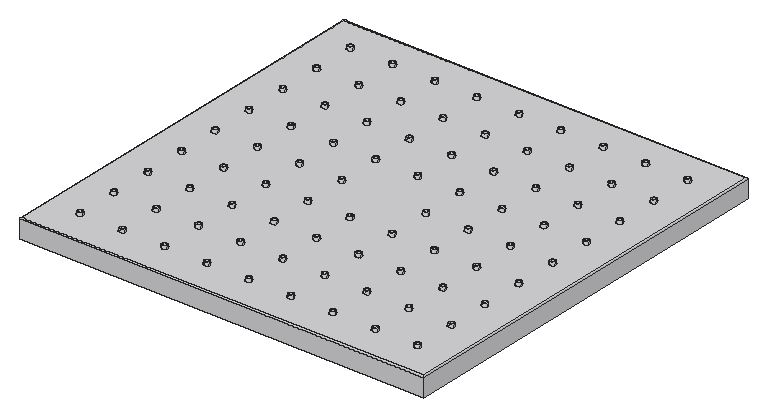
Revit family "Shower-Showerhead-KOHLER-Katalyst_Air-K-18361A", category Plumbing Fixtures, host Face, Revit 2017
Family settings
  Host = Face
  Round Connector Dimension = Use Diameter
  Part Type = Normal
  OmniClass Number = 23.31.17.00
  Cut with Voids When Loaded = No
  Shared = No
  Room Calculation Point = No
Parameters (values of type "CP-Polished Chrome")
  Width = 10"  # constant formula
  WaterSense Certified = 1 = 0  # no
  Waste Water Outlet = "Waste Water Outlet"  # constant formula
  Waste Connection = 1 = 0  # no
  Vent Connection = 1 = 0  # no
  URL = "https://www.kohlerasiapacific.com/"
  Type = 1
  Product Page URL = ""
  Product Name = "Katalyst"  # constant formula
  Product Documentation Link = ""
  Pressure = 45.00 psi  # constant formula
  Panel Thickness = 0"
  Model = if(Type = 1, "K-18361A-CP", if(Type = 2, "K-18361A-2BL", "NA"))  # "K-18361A-CP"
  Material = "Premium Metal Construction"  # constant formula
  Master Format 2014 Name = "Residential Showers"  # constant formula
  Master Format 2014 = "22 42 23"  # constant formula
  Manufacturer Address = "No. 158 Jiang Chang San Road, Zhabei District, Shanghai, China"  # constant formula
  Manufacturer = "KOHLER Co."  # constant formula
  Length = 10"  # constant formula
  Hot Water Inlet = "Tempered Water Inlet"  # constant formula
  Height = 2.59843"  # constant formula
  HW Connection = 1 = 1  # yes
  Flow Rate = 2.5 GPM  # constant formula
  Finish = Kohler-Metal-CP-Polished_Chrome
  Environmental Product Declaration = ""
  Drain Included = 1 = 0  # no
  Description = "10' SQUARE RAINSHOWER HEAD"  # constant formula
  Default Elevation = 0"
  Declare Label = ""
  Date Modified = "09/08/2020"  # constant formula
  Date Created = "09/08/2020"  # constant formula
  Copyright = "Copyright KOHLER Co."  # constant formula
  Contact Us = "https://www.kohlerasiapacific.com/contact-us"
  Cold Water Inlet = "Cold Water Inlet"  # constant formula
  CW Connection = 1 = 0  # no
  Assembly Code = "D2010700"
  ADA Compliant = 1 = 0  # no
Reference planes (in)
  plane 1 "Center (Front/Back)": y = 0
  plane 2: z = 0
  plane 3 "Center (Left/Right)": x = 0
  plane 4: x = -5
  plane 5: x = 5
  plane 6: z = 2.5984252
  plane 7: y = 5
  plane 8: y = -5
Dimensions and locks (in)
  plane 7 to plane 8 = 10"
  plane 6 to level = 2.59843"
  "Height": plane 6 to level
  "Width": plane 4 to plane 5
  "Length": plane 7 to plane 8
  aligned and locked: plane 2 to host face
  aligned and locked: level to host face
  aligned and locked: plane 3 "Center (Left/Right)" to nested 1
  aligned and locked: plane 1 "Center (Front/Back)" to nested 1
  aligned and locked: plane 4 to nested 1
  aligned and locked: plane 5 to nested 1
  aligned and locked: plane 6 to nested 1
  aligned and locked: plane 7 to nested 1
  aligned and locked: plane 8 to nested 1
Automatic sketch dimensions
  host sketch curve to host sketch curve = 96"  (x2)
Nested families (in)
  nested 1: "K-18361A" at (0, 0, 0), type "K-18361A"
Connectors (in)
  piping at (0, 0, 0), diameter 0.5, driven by "Flow Rate", driven by "Pressure", driven by "HW Connection", driven by "Hot Water Inlet"
    settings: on nested 1, index 1, connector inside diameter 24", connector length 0", flow factor 0, pipe flow 2.5 GPM, pressure drop 45.00 psi, fitting loss kfactor 0, connector angle 0.00°, fixture units 0, engagement length 0", angle of deflection 0.00°, flow configuration 1, flow direction 1, fitting loss method 4, system type 19, joint type 0, gender type 0, connector reference index -1, connector utility 1, adjustable connector no, is connector primary yes, connector description "Tempered Water Inlet"
Definition of nested family "K-18361A"
  Parameters (values of type "K-18361A")
    Material = none
  Reference planes (in)
    plane 1 "Center (Front/Back)": y = 0
    plane 2: z = 0
    plane 3 "Center (Left/Right)": x = 0
    plane 4: x = 0
    plane 5: x = -5
    plane 6: z = 2.5984252
    plane 7: z = 2.5317244
    plane 8: x = 5
    plane 9: y = 5
    plane 10: y = -5
    plane 11: z = 0.5381731
  Forms (in)
    Revolve 1, solid, material <- "Material", detail levels medium+fine
      sketch origin (0, 0, 0) x (1, 0, 0) y (0, 0, 1)
        loop
          line (0, 0) -> (0, 2.1734567) -> (-0.7185571, 2.1734567) -> (-0.7185571, 0.9923543) -> (-0.4459404, 0.9923543)
          arc (-0.4459404, 0.9923543) -> (-0.3975822, 0.9264776) -> (-0.3372043, 0.871407) r 0.4131817
          arc (-0.3372043, 0.871407) -> (-0.3100288, 0.8077712) -> (-0.3519033, 0.7526845) r 0.0688159
          arc (-0.3519033, 0.7526845) -> (-0.4559616, 0.6671107) -> (-0.4950271, 0.5381731) r 0.2323148
          line (-0.4950271, 0.5381731) -> (-0.4950271, 0.0206322)
          arc (-0.4950271, 0.0206322) -> (-0.4889841, 0.006043) -> (-0.474395, 0) r 0.0206322
          line (-0.474395, 0) -> (0, 0)
        axis (0, 0) -> (0, 2.1734567)
      angle from 0 to 360
    Extrusion 2, void
      sketch origin (0, 0, 0) x (0, 1, 0) y (0, 0, 1)
        loop
          line (0.677233, 0.8363958) -> (0.455, 0.8363958) -> (0.455, 0.1915593)
          arc (0.455, 0.1915593) -> (0.4596556, 0.1681541) -> (0.4729136, 0.1483121) r 0.0611607
          line (0.4729136, 0.1483121) -> (0.5355016, 0.085724) -> (0.7555113, 0.085724) -> (0.7555113, 1.4682391) -> (0.677233, 1.4682391) -> (0.677233, 0.8363958)
        loop
          line (-0.677233, 0.8363958) -> (-0.677233, 1.4682391) -> (-0.7555113, 1.4682391) -> (-0.7555113, 0.085724) -> (-0.5355016, 0.085724) -> (-0.4729136, 0.1483121)
          arc (-0.4729136, 0.1483121) -> (-0.4596556, 0.1681541) -> (-0.455, 0.1915593) r 0.0611607
          line (-0.455, 0.1915593) -> (-0.455, 0.8363958) -> (-0.677233, 0.8363958)
      from -2.3887443 to 3.3877953
    Sweep 3, solid, material <- "Material", detail levels medium+fine
      path origin (0, 0, 0) x (1, 0, 0) y (0, 1, 0)
        loop
          line (-1.9685039, 1.9685039) -> (-1.9685039, -1.9685039) -> (1.9685039, -1.9685039) -> (1.9685039, 1.9685039) -> (-1.9685039, 1.9685039)
      profile origin (1.9685039, -1.9685039, 0) x (-1, 0, 0) y (0, 0, 1)
        loop
          line (0, 2.0710945) -> (0, 2.5317244) -> (-2.999249, 2.5317244)
          arc (-2.999249, 2.5317244) -> (-3.0220511, 2.5222795) -> (-3.0314961, 2.4994774) r 0.032247
          line (-3.0314961, 2.4994774) -> (-3.0314961, 2.0592835) -> (-2.9744094, 2.0592835) -> (-2.9303301, 2.0710945) -> (0, 2.0710945)
    Extrusion 4, solid, material <- "Material", detail levels medium+fine
      sketch origin (0, 0, 0) x (1, 0, 0) y (0, 1, 0)
        loop
          line (-2.9639069, 2.7726879) -> (-2.9639069, -2.7391231) -> (2.7447545, -2.7391231) -> (2.7447545, 2.7726879) -> (-2.9639069, 2.7726879)
      from 2.0710945 to 2.5317244
    Extrusion 5, void
      sketch origin (0, 0, 0) x (1, 0, 0) y (0, 1, 0)
        loop
          circle (-4.1703694, 4.1745663) r 0.0767717
        loop
          circle (-4.1703694, 3.1292234) r 0.0767717
        loop
          circle (-4.1703694, 2.0867319) r 0.0767717
        loop
          circle (-4.1703694, 1.0446144) r 0.0767717
        loop
          circle (-4.1703694, 0) r 0.0767717
        loop
          circle (-3.1271871, 4.1745663) r 0.0767717
        loop
          circle (-3.1271871, 3.1298897) r 0.0767717
        loop
          circle (-3.1271871, 2.0877149) r 0.0767717
        loop
          circle (-3.1271871, 1.0449391) r 0.0767717
        loop
          circle (-3.1271871, 0) r 0.0767717
        loop
          circle (-2.0840049, 4.1745663) r 0.0767717
        loop
          circle (-2.0840049, 3.1292234) r 0.0767717
        loop
          circle (-2.0840049, 2.0867319) r 0.0767717
        loop
          circle (-2.0840049, 1.0446144) r 0.0767717
        loop
          circle (-2.0840049, 0) r 0.0767717
        loop
          circle (-1.0412535, 4.1745663) r 0.0767717
        loop
          circle (-1.0412535, 3.1298897) r 0.0767717
        loop
          circle (-1.0412535, 2.0877149) r 0.0767717
        loop
          circle (-1.0412535, 1.0449391) r 0.0767717
        loop
          circle (-1.0412535, 0) r 0.0767717
        loop
          circle (0.002167, 4.1745663) r 0.0767717
        loop
          circle (0.002167, 3.1292234) r 0.0767717
        loop
          circle (0.002167, 2.0867319) r 0.0767717
        loop
          circle (0.002167, 1.0446144) r 0.0767717
        loop
          circle (4.1703694, 4.1745663) r 0.0767717
        loop
          circle (4.1703694, 3.1292234) r 0.0767717
        loop
          circle (4.1703694, 2.0867319) r 0.0767717
        loop
          circle (4.1703694, 1.0446144) r 0.0767717
        loop
          circle (3.1271871, 4.1745663) r 0.0767717
        loop
          circle (3.1271871, 3.1298897) r 0.0767717
        loop
          circle (3.1271871, 2.0877149) r 0.0767717
        loop
          circle (3.1271871, 1.0449391) r 0.0767717
        loop
          circle (2.0840049, 4.1745663) r 0.0767717
        loop
          circle (2.0840049, 3.1292234) r 0.0767717
        loop
          circle (2.0840049, 2.0867319) r 0.0767717
        loop
          circle (2.0840049, 1.0446144) r 0.0767717
        loop
          circle (1.0412535, 4.1745663) r 0.0767717
        loop
          circle (1.0412535, 3.1298897) r 0.0767717
        loop
          circle (1.0412535, 2.0877149) r 0.0767717
        loop
          circle (1.0412535, 1.0449391) r 0.0767717
        loop
          circle (-4.1703694, -4.1745663) r 0.0767717
        loop
          circle (-4.1703694, -3.1292234) r 0.0767717
        loop
          circle (-4.1703694, -2.0867319) r 0.0767717
        loop
          circle (-4.1703694, -1.0446144) r 0.0767717
        loop
          circle (-3.1271871, -4.1745663) r 0.0767717
        loop
          circle (-3.1271871, -3.1298897) r 0.0767717
        loop
          circle (-3.1271871, -2.0877149) r 0.0767717
        loop
          circle (-3.1271871, -1.0449391) r 0.0767717
        loop
          circle (-2.0840049, -4.1745663) r 0.0767717
        loop
          circle (-2.0840049, -3.1292234) r 0.0767717
        loop
          circle (-2.0840049, -2.0867319) r 0.0767717
        loop
          circle (-2.0840049, -1.0446144) r 0.0767717
        loop
          circle (-1.0412535, -4.1745663) r 0.0767717
        loop
          circle (-1.0412535, -3.1298897) r 0.0767717
        loop
          circle (-1.0412535, -2.0877149) r 0.0767717
        loop
          circle (-1.0412535, -1.0449391) r 0.0767717
        loop
          circle (0.002167, -4.1745663) r 0.0767717
        loop
          circle (0.002167, -3.1292234) r 0.0767717
        loop
          circle (0.002167, -2.0867319) r 0.0767717
        loop
          circle (0.002167, -1.0446144) r 0.0767717
        loop
          circle (4.1703694, -4.1745663) r 0.0767717
        loop
          circle (4.1703694, -3.1292234) r 0.0767717
        loop
          circle (4.1703694, -2.0867319) r 0.0767717
        loop
          circle (4.1703694, -1.0446144) r 0.0767717
        loop
          circle (3.1271871, -4.1745663) r 0.0767717
        loop
          circle (3.1271871, -3.1298897) r 0.0767717
        loop
          circle (3.1271871, -2.0877149) r 0.0767717
        loop
          circle (3.1271871, -1.0449391) r 0.0767717
        loop
          circle (2.0840049, -4.1745663) r 0.0767717
        loop
          circle (2.0840049, -3.1292234) r 0.0767717
        loop
          circle (2.0840049, -2.0867319) r 0.0767717
        loop
          circle (2.0840049, -1.0446144) r 0.0767717
        loop
          circle (1.0412535, -4.1745663) r 0.0767717
        loop
          circle (1.0412535, -3.1298897) r 0.0767717
        loop
          circle (1.0412535, -2.0877149) r 0.0767717
        loop
          circle (1.0412535, -1.0449391) r 0.0767717
        loop
          circle (4.1703694, 0) r 0.0767717
        loop
          circle (3.1271871, 0) r 0.0767717
        loop
          circle (2.0840049, 0) r 0.0767717
        loop
          circle (1.0412535, 0) r 0.0767717
      from 2.2237974 to 2.914349
    Extrusion 6, solid, detail levels medium+fine
      sketch origin (0, 0, 0) x (1, 0, 0) y (0, 1, 0)
        loop
          circle (-4.1703694, 4.1745663) r 0.0629921
        loop
          circle (-4.1703694, 4.1745663) r 0.0472441
        loop
          circle (-4.1703694, 3.1292234) r 0.0629921
        loop
          circle (-4.1703694, 3.1292234) r 0.0472441
        loop
          circle (-4.1703694, 2.0867319) r 0.0629921
        loop
          circle (-4.1703694, 2.0867319) r 0.0472441
        loop
          circle (-4.1703694, 1.0446144) r 0.0629921
        loop
          circle (-4.1703694, 1.0446144) r 0.0472441
        loop
          circle (-4.1703694, 0) r 0.0629921
        loop
          circle (-4.1703694, 0) r 0.0472441
        loop
          circle (-3.1271871, 0) r 0.0629921
        loop
          circle (-3.1271871, 0) r 0.0472441
        loop
          circle (-3.1271871, 1.0449391) r 0.0629921
        loop
          circle (-3.1271871, 1.0449391) r 0.0472441
        loop
          circle (-3.1271871, 2.0877149) r 0.0629921
        loop
          circle (-3.1271871, 2.0877149) r 0.0472441
        loop
          circle (-3.1271871, 3.1298897) r 0.0629921
        loop
          circle (-3.1271871, 3.1298897) r 0.0472441
        loop
          circle (-3.1271871, 4.1745663) r 0.0629921
        loop
          circle (-3.1271871, 4.1745663) r 0.0472441
        loop
          circle (-2.0840049, 4.1745663) r 0.0629921
        loop
          circle (-2.0840049, 4.1745663) r 0.0472441
        loop
          circle (-2.0840049, 3.1292234) r 0.0629921
        loop
          circle (-2.0840049, 3.1292234) r 0.0472441
        loop
          circle (-2.0840049, 2.0867319) r 0.0629921
        loop
          circle (-2.0840049, 2.0867319) r 0.0472441
        loop
          circle (-2.0840049, 1.0446144) r 0.0629921
        loop
          circle (-2.0840049, 1.0446144) r 0.0472441
        loop
          circle (-2.0840049, 0) r 0.0629921
        loop
          circle (-2.0840049, 0) r 0.0472441
        loop
          circle (-1.0412535, 0) r 0.0629921
        loop
          circle (-1.0412535, 0) r 0.0472441
        loop
          circle (-1.0412535, 1.0449391) r 0.0629921
        loop
          circle (-1.0412535, 1.0449391) r 0.0472441
        loop
          circle (-1.0412535, 2.0877149) r 0.0629921
        loop
          circle (-1.0412535, 2.0877149) r 0.0472441
        loop
          circle (-1.0412535, 3.1298897) r 0.0629921
        loop
          circle (-1.0412535, 3.1298897) r 0.0472441
        loop
          circle (-1.0412535, 4.1745663) r 0.0629921
        loop
          circle (-1.0412535, 4.1745663) r 0.0472441
        loop
          circle (0.002167, 4.1745663) r 0.0629921
        loop
          circle (0.002167, 4.1745663) r 0.0472441
        loop
          circle (0.002167, 3.1292234) r 0.0629921
        loop
          circle (0.002167, 3.1292234) r 0.0472441
        loop
          circle (0.002167, 2.0867319) r 0.0629921
        loop
          circle (0.002167, 2.0867319) r 0.0472441
        loop
          circle (0.002167, 1.0446144) r 0.0629921
        loop
          circle (0.002167, 1.0446144) r 0.0472441
        loop
          circle (4.1703694, 4.1745663) r 0.0629921
        loop
          circle (4.1703694, 4.1745663) r 0.0472441
        loop
          circle (4.1703694, 3.1292234) r 0.0629921
        loop
          circle (4.1703694, 3.1292234) r 0.0472441
        loop
          circle (4.1703694, 2.0867319) r 0.0629921
        loop
          circle (4.1703694, 2.0867319) r 0.0472441
        loop
          circle (4.1703694, 1.0446144) r 0.0629921
        loop
          circle (4.1703694, 1.0446144) r 0.0472441
        loop
          circle (3.1271871, 1.0449391) r 0.0629921
        loop
          circle (3.1271871, 1.0449391) r 0.0472441
        loop
          circle (3.1271871, 2.0877149) r 0.0629921
        loop
          circle (3.1271871, 2.0877149) r 0.0472441
        loop
          circle (3.1271871, 3.1298897) r 0.0629921
        loop
          circle (3.1271871, 3.1298897) r 0.0472441
        loop
          circle (3.1271871, 4.1745663) r 0.0629921
        loop
          circle (3.1271871, 4.1745663) r 0.0472441
        loop
          circle (2.0840049, 4.1745663) r 0.0629921
        loop
          circle (2.0840049, 4.1745663) r 0.0472441
        loop
          circle (2.0840049, 3.1292234) r 0.0629921
        loop
          circle (2.0840049, 3.1292234) r 0.0472441
        loop
          circle (2.0840049, 2.0867319) r 0.0629921
        loop
          circle (2.0840049, 2.0867319) r 0.0472441
        loop
          circle (2.0840049, 1.0446144) r 0.0629921
        loop
          circle (2.0840049, 1.0446144) r 0.0472441
        loop
          circle (1.0412535, 1.0449391) r 0.0629921
        loop
          circle (1.0412535, 1.0449391) r 0.0472441
        loop
          circle (1.0412535, 2.0877149) r 0.0629921
        loop
          circle (1.0412535, 2.0877149) r 0.0472441
        loop
          circle (1.0412535, 3.1298897) r 0.0629921
        loop
          circle (1.0412535, 3.1298897) r 0.0472441
        loop
          circle (1.0412535, 4.1745663) r 0.0629921
        loop
          circle (1.0412535, 4.1745663) r 0.0472441
        loop
          circle (-4.1703694, -4.1745663) r 0.0629921
        loop
          circle (-4.1703694, -4.1745663) r 0.0472441
        loop
          circle (-4.1703694, -3.1292234) r 0.0629921
        loop
          circle (-4.1703694, -3.1292234) r 0.0472441
        loop
          circle (-4.1703694, -2.0867319) r 0.0629921
        loop
          circle (-4.1703694, -2.0867319) r 0.0472441
        loop
          circle (-4.1703694, -1.0446144) r 0.0629921
        loop
          circle (-4.1703694, -1.0446144) r 0.0472441
        loop
          circle (-3.1271871, -1.0449391) r 0.0629921
        loop
          circle (-3.1271871, -1.0449391) r 0.0472441
        loop
          circle (-3.1271871, -2.0877149) r 0.0629921
        loop
          circle (-3.1271871, -2.0877149) r 0.0472441
        loop
          circle (-3.1271871, -3.1298897) r 0.0629921
        loop
          circle (-3.1271871, -3.1298897) r 0.0472441
        loop
          circle (-3.1271871, -4.1745663) r 0.0629921
        loop
          circle (-3.1271871, -4.1745663) r 0.0472441
        loop
          circle (-2.0840049, -4.1745663) r 0.0629921
        loop
          circle (-2.0840049, -4.1745663) r 0.0472441
        loop
          circle (-2.0840049, -3.1292234) r 0.0629921
        loop
          circle (-2.0840049, -3.1292234) r 0.0472441
        loop
          circle (-2.0840049, -2.0867319) r 0.0629921
        loop
          circle (-2.0840049, -2.0867319) r 0.0472441
        loop
          circle (-2.0840049, -1.0446144) r 0.0629921
        loop
          circle (-2.0840049, -1.0446144) r 0.0472441
        loop
          circle (-1.0412535, -1.0449391) r 0.0629921
        loop
          circle (-1.0412535, -1.0449391) r 0.0472441
        loop
          circle (-1.0412535, -2.0877149) r 0.0629921
        loop
          circle (-1.0412535, -2.0877149) r 0.0472441
        loop
          circle (-1.0412535, -3.1298897) r 0.0629921
        loop
          circle (-1.0412535, -3.1298897) r 0.0472441
        loop
          circle (-1.0412535, -4.1745663) r 0.0629921
        loop
          circle (-1.0412535, -4.1745663) r 0.0472441
        loop
          circle (0.002167, -4.1745663) r 0.0629921
        loop
          circle (0.002167, -4.1745663) r 0.0472441
        loop
          circle (0.002167, -3.1292234) r 0.0629921
        loop
          circle (0.002167, -3.1292234) r 0.0472441
        loop
          circle (0.002167, -2.0867319) r 0.0629921
        loop
          circle (0.002167, -2.0867319) r 0.0472441
        loop
          circle (0.002167, -1.0446144) r 0.0629921
        loop
          circle (0.002167, -1.0446144) r 0.0472441
        loop
          circle (4.1703694, -4.1745663) r 0.0629921
        loop
          circle (4.1703694, -4.1745663) r 0.0472441
        loop
          circle (4.1703694, -3.1292234) r 0.0629921
        loop
          circle (4.1703694, -3.1292234) r 0.0472441
        loop
          circle (4.1703694, -2.0867319) r 0.0629921
        loop
          circle (4.1703694, -2.0867319) r 0.0472441
        loop
          circle (4.1703694, -1.0446144) r 0.0629921
        loop
          circle (4.1703694, -1.0446144) r 0.0472441
        loop
          circle (3.1271871, -1.0449391) r 0.0629921
        loop
          circle (3.1271871, -1.0449391) r 0.0472441
        loop
          circle (3.1271871, -2.0877149) r 0.0629921
        loop
          circle (3.1271871, -2.0877149) r 0.0472441
        loop
          circle (3.1271871, -3.1298897) r 0.0629921
        loop
          circle (3.1271871, -3.1298897) r 0.0472441
        loop
          circle (3.1271871, -4.1745663) r 0.0629921
        loop
          circle (3.1271871, -4.1745663) r 0.0472441
        loop
          circle (2.0840049, -4.1745663) r 0.0629921
        loop
          circle (2.0840049, -4.1745663) r 0.0472441
        loop
          circle (2.0840049, -3.1292234) r 0.0629921
        loop
          circle (2.0840049, -3.1292234) r 0.0472441
        loop
          circle (2.0840049, -2.0867319) r 0.0629921
        loop
          circle (2.0840049, -2.0867319) r 0.0472441
        loop
          circle (2.0840049, -1.0446144) r 0.0629921
        loop
          circle (2.0840049, -1.0446144) r 0.0472441
        loop
          circle (1.0412535, -1.0449391) r 0.0629921
        loop
          circle (1.0412535, -1.0449391) r 0.0472441
        loop
          circle (1.0412535, -2.0877149) r 0.0629921
        loop
          circle (1.0412535, -2.0877149) r 0.0472441
        loop
          circle (1.0412535, -3.1298897) r 0.0629921
        loop
          circle (1.0412535, -3.1298897) r 0.0472441
        loop
          circle (1.0412535, -4.1745663) r 0.0629921
        loop
          circle (1.0412535, -4.1745663) r 0.0472441
        loop
          circle (4.1703694, 0) r 0.0629921
        loop
          circle (4.1703694, 0) r 0.0472441
        loop
          circle (3.1271871, 0) r 0.0629921
        loop
          circle (3.1271871, 0) r 0.0472441
        loop
          circle (2.0840049, 0) r 0.0629921
        loop
          circle (2.0840049, 0) r 0.0472441
        loop
          circle (1.0412535, 0) r 0.0629921
        loop
          circle (1.0412535, 0) r 0.0472441
      from 2.1651852 to 2.5984252
    Extrusion 7, solid, material <- "Material", detail levels medium+fine
      sketch origin (0, 0, 0) x (1, 0, 0) y (0, 1, 0)
        loop
          circle (0, 0) r 0.3937008
      from 0 to 0.0875448
    Revolve 8, solid, material <- "Material", detail levels coarse
      sketch origin (0, 0, 0) x (1, 0, 0) y (0, 0, 1)
        loop
          line (-0.7185571, 2.2754617) -> (-0.7185571, 0) -> (0, 0) -> (0, 2.2754617) -> (-0.7185571, 2.2754617)
        axis (0, 2.2754617) -> (0, 0)
      angle from 0 to 360
    Extrusion 9, solid, material <- "Material", detail levels coarse
      sketch origin (0, 0, 0) x (1, 0, 0) y (0, 0, 1)
        loop
          line (-5, 2.5984252) -> (-5, 2.0592835) -> (5, 2.0592835) -> (5, 2.5984252) -> (-5, 2.5984252)
      from -5 to 5
  Cuts and joins
    Extrusion 2, Extrusion 5 cuts Revolve 1
    Extrusion 5 cuts Sweep 3
    Extrusion 5 cuts Extrusion 4
    joined: Revolve 1, Sweep 3, Extrusion 4
    joined: Revolve 8, Extrusion 9
  Lines and regions (in)
    Masking region 1
      outline origin (0, 0, 0) x (1, 0, 0) y (0, 0, 1)
        loop
          line (-5, 2.0592835) -> (-0.7185571, 2.0592835) -> (-0.7185571, 0.9923543) -> (-0.4459404, 0.9923543)
          arc (-0.4459404, 0.9923543) -> (-0.3975822, 0.9264776) -> (-0.3372043, 0.871407) r 0.4131817
          arc (-0.3372043, 0.871407) -> (-0.3100288, 0.8077712) -> (-0.3519033, 0.7526845) r 0.0688159
          arc (-0.3519033, 0.7526845) -> (-0.4559616, 0.6671107) -> (-0.4950271, 0.5381731) r 0.2323148
          line (-0.4950271, 0.5381731) -> (-0.4950271, 0.0206322)
          arc (-0.4950271, 0.0206322) -> (-0.4889841, 0.006043) -> (-0.474395, 0) r 0.0206322
          line (-0.474395, 0) -> (0.474395, 0)
          arc (0.474395, 0) -> (0.4889841, 0.006043) -> (0.4950271, 0.0206322) r 0.0206322
          line (0.4950271, 0.0206322) -> (0.4950271, 0.5381731)
          arc (0.4950271, 0.5381731) -> (0.4559616, 0.6671107) -> (0.3519033, 0.7526845) r 0.2323148
          arc (0.3519033, 0.7526845) -> (0.3100288, 0.8077712) -> (0.3372043, 0.871407) r 0.0688159
          arc (0.3372043, 0.871407) -> (0.3975822, 0.9264776) -> (0.4459404, 0.9923543) r 0.4131817
          line (0.4459404, 0.9923543) -> (0.7185571, 0.9923543) -> (0.7185571, 2.0592835) -> (5, 2.0592835) -> (5, 2.4993911)
          arc (5, 2.4993911) -> (4.9905298, 2.5222542) -> (4.9676667, 2.5317244) r 0.0323333
          line (4.9676667, 2.5317244) -> (4.2333615, 2.5317244) -> (4.2333615, 2.5984252) -> (4.1073772, 2.5984252) -> (4.1073772, 2.5317244) -> (3.1901793, 2.5317244) -> (3.1901793, 2.5984252) -> (3.064195, 2.5984252) -> (3.064195, 2.5317244) -> (2.146997, 2.5317244) -> (2.146997, 2.5984252) -> (2.0210128, 2.5984252) -> (2.0210128, 2.5317244) -> (1.1042456, 2.5317244) -> (1.1042456, 2.5984252) -> (0.9782614, 2.5984252) -> (0.9782614, 2.5317244) -> (0.0651591, 2.5317244) -> (0.0651591, 2.5984252) -> (-0.0608251, 2.5984252) -> (-0.0608251, 2.5317244) -> (-0.9782614, 2.5317244) -> (-0.9782614, 2.5984252) -> (-1.1042456, 2.5984252) -> (-1.1042456, 2.5317244) -> (-2.0210128, 2.5317244) -> (-2.0210128, 2.5984252) -> (-2.146997, 2.5984252) -> (-2.146997, 2.5317244) -> (-3.064195, 2.5317244) -> (-3.064195, 2.5984252) -> (-3.1901793, 2.5984252) -> (-3.1901793, 2.5317244) -> (-4.1073772, 2.5317244) -> (-4.1073772, 2.5984252) -> (-4.2333615, 2.5984252) -> (-4.2333615, 2.5317244) -> (-4.9676667, 2.5317244)
          arc (-4.9676667, 2.5317244) -> (-4.9905298, 2.5222542) -> (-5, 2.4993911) r 0.0323333
          line (-5, 2.4993911) -> (-5, 2.0592835)
    Masking region 2
      outline origin (0, 0, 0) x (0, 1, 0) y (0, 0, 1)
        loop
          line (5, 2.0592835) -> (5, 2.4993911)
          arc (5, 2.4993911) -> (4.9905298, 2.5222542) -> (4.9676667, 2.5317244) r 0.0323333
          line (4.9676667, 2.5317244) -> (4.2379346, 2.5317244) -> (4.2379346, 2.5984252) -> (4.110745, 2.5984252) -> (4.110745, 2.5317244) -> (3.1930839, 2.5317244) -> (3.1930839, 2.5984252) -> (3.0656473, 2.5984252) -> (3.0656473, 2.5317244) -> (2.1508481, 2.5317244) -> (2.1508481, 2.5984252) -> (2.0232146, 2.5984252) -> (2.0232146, 2.5317244) -> (1.1080654, 2.5317244) -> (1.1080654, 2.5984252) -> (0.9814445, 2.5984252) -> (0.9814445, 2.5317244) -> (0.063593, 2.5317244) -> (0.063593, 2.5984252) -> (-0.0632216, 2.5984252) -> (-0.0632216, 2.5317244) -> (-0.9814445, 2.5317244) -> (-0.9814445, 2.5984252) -> (-1.1083837, 2.5984252) -> (-1.1083837, 2.5317244) -> (-2.0232091, 2.5317244) -> (-2.0232091, 2.5984252) -> (-2.1506576, 2.5984252) -> (-2.1506576, 2.5317244) -> (-3.0660988, 2.5317244) -> (-3.0660988, 2.5984252) -> (-3.1929316, 2.5984252) -> (-3.1929316, 2.5317244) -> (-4.1112065, 2.5317244) -> (-4.1112065, 2.5984252) -> (-4.2375085, 2.5984252) -> (-4.2375085, 2.5317244) -> (-4.9676667, 2.5317244)
          arc (-4.9676667, 2.5317244) -> (-4.9905298, 2.5222542) -> (-5, 2.4993911) r 0.0323333
          line (-5, 2.4993911) -> (-5, 2.0592835) -> (-0.7185571, 2.0592835) -> (-0.7185571, 1.4682391) -> (-0.677233, 1.4682391) -> (-0.677233, 0.9923543) -> (-0.4459404, 0.9923543)
          arc (-0.4459404, 0.9923543) -> (-0.3975822, 0.9264776) -> (-0.3372043, 0.871407) r 0.4131817
          arc (-0.3372043, 0.871407) -> (-0.3100288, 0.8077712) -> (-0.3519033, 0.7526845) r 0.0688159
          arc (-0.3519033, 0.7526845) -> (-0.4096055, 0.7181524) -> (-0.455, 0.6685403) r 0.2323148
          line (-0.455, 0.6685403) -> (-0.455, 0.1908113)
          spline (-0.455, 0.1908113) -> (-0.455747, 0.1852722) -> (-0.4566699, 0.1799586) -> (-0.4577601, 0.1749218) -> (-0.4590068, 0.1702102) -> (-0.4603982, 0.165869) -> (-0.4619208, 0.1619402) -> (-0.4635601, 0.1584613) -> (-0.4653002, 0.1554661) -> (-0.4671244, 0.1529832) -> (-0.4690151, 0.1510365) -> (-0.4709543, 0.1496447) -> (-0.4729231, 0.1488214)
          line (-0.4729231, 0.1488214) -> (-0.4950271, 0.1267173) -> (-0.4950271, 0.0206322)
          arc (-0.4950271, 0.0206322) -> (-0.4889841, 0.006043) -> (-0.474395, 0) r 0.0206322
          line (-0.474395, 0) -> (0.474395, 0)
          arc (0.474395, 0) -> (0.4889841, 0.006043) -> (0.4950271, 0.0206322) r 0.0206322
          line (0.4950271, 0.0206322) -> (0.4950271, 0.1269258) -> (0.4728613, 0.1490916)
          spline (0.4728613, 0.1490916) -> (0.4712056, 0.1498806) -> (0.4695273, 0.1512397) -> (0.4678428, 0.1531558) -> (0.4661683, 0.1556102) -> (0.4645202, 0.158579) -> (0.4629146, 0.1620333) -> (0.4613671, 0.1659394) -> (0.4598927, 0.1702595) -> (0.4585058, 0.1749514) -> (0.4572199, 0.1799694) -> (0.4560475, 0.1852648) -> (0.455, 0.1907859)
          line (0.455, 0.1907859) -> (0.455, 0.6685403)
          arc (0.455, 0.6685403) -> (0.4096055, 0.7181524) -> (0.3519033, 0.7526845) r 0.2323148
          arc (0.3519033, 0.7526845) -> (0.3100288, 0.8077712) -> (0.3372043, 0.871407) r 0.0688159
          arc (0.3372043, 0.871407) -> (0.3975822, 0.9264776) -> (0.4459404, 0.9923543) r 0.4131817
          line (0.4459404, 0.9923543) -> (0.677233, 0.9923543) -> (0.677233, 1.4682391) -> (0.7185571, 1.4682391) -> (0.7185571, 2.0592835) -> (5, 2.0592835)
    Masking region 3
      outline origin (0, 0, 0) x (1, 0, 0) y (0, 1, 0)
        loop
          line (-5, 5) -> (-5, -5) -> (5, -5) -> (5, 5) -> (-5, 5)
    symbolic lines, detail levels medium+fine
      curve 1: arc (-4.0935977, 4.1745663, 0) -> (-4.1703694, 4.2513379, 0) -> (-4.247141, 4.1745663, 0) r 0.0767717
      curve 2: arc (-4.1073772, 4.1745663, 0) -> (-4.1703694, 4.2375584, 0) -> (-4.2333615, 4.1745663, 0) r 0.0629921
      curve 3: arc (-4.2176134, 4.1745663, 0) -> (-4.1703694, 4.2218104, 0) -> (-4.1231253, 4.1745663, 0) r 0.0472441
      curve 4: arc (-4.1231253, 4.1745663, 0) -> (-4.1703694, 4.1273222, 0) -> (-4.2176134, 4.1745663, 0) r 0.0472441
      curve 5: arc (-4.2333615, 4.1745663, 0) -> (-4.1703694, 4.1115742, 0) -> (-4.1073772, 4.1745663, 0) r 0.0629921
      curve 6: arc (-4.247141, 4.1745663, 0) -> (-4.1703694, 4.0977946, 0) -> (-4.0935977, 4.1745663, 0) r 0.0767717
      curve 7: arc (-4.0935977, 3.1292234, 0) -> (-4.1703694, 3.2059951, 0) -> (-4.247141, 3.1292234, 0) r 0.0767717
      curve 8: arc (-4.1073772, 3.1292234, 0) -> (-4.1703694, 3.1922155, 0) -> (-4.2333615, 3.1292234, 0) r 0.0629921
      curve 9: arc (-4.2176134, 3.1292234, 0) -> (-4.1703694, 3.1764675, 0) -> (-4.1231253, 3.1292234, 0) r 0.0472441
      curve 10: arc (-4.1231253, 3.1292234, 0) -> (-4.1703694, 3.0819793, 0) -> (-4.2176134, 3.1292234, 0) r 0.0472441
      curve 11: arc (-4.2333615, 3.1292234, 0) -> (-4.1703694, 3.0662313, 0) -> (-4.1073772, 3.1292234, 0) r 0.0629921
      curve 12: arc (-4.247141, 3.1292234, 0) -> (-4.1703694, 3.0524518, 0) -> (-4.0935977, 3.1292234, 0) r 0.0767717
      curve 13: arc (-3.0504155, 4.1745663, 0) -> (-3.1271871, 4.2513379, 0) -> (-3.2039588, 4.1745663, 0) r 0.0767717
      curve 14: arc (-3.064195, 4.1745663, 0) -> (-3.1271871, 4.2375584, 0) -> (-3.1901793, 4.1745663, 0) r 0.0629921
      curve 15: arc (-3.1744312, 4.1745663, 0) -> (-3.1271871, 4.2218104, 0) -> (-3.079943, 4.1745663, 0) r 0.0472441
      curve 16: arc (-3.079943, 4.1745663, 0) -> (-3.1271871, 4.1273222, 0) -> (-3.1744312, 4.1745663, 0) r 0.0472441
      curve 17: arc (-3.1901793, 4.1745663, 0) -> (-3.1271871, 4.1115742, 0) -> (-3.064195, 4.1745663, 0) r 0.0629921
      curve 18: arc (-3.2039588, 4.1745663, 0) -> (-3.1271871, 4.0977946, 0) -> (-3.0504155, 4.1745663, 0) r 0.0767717
      curve 19: arc (-3.0504155, 3.1298897, 0) -> (-3.1271871, 3.2066614, 0) -> (-3.2039588, 3.1298897, 0) r 0.0767717
      curve 20: arc (-3.064195, 3.1298897, 0) -> (-3.1271871, 3.1928818, 0) -> (-3.1901793, 3.1298897, 0) r 0.0629921
      curve 21: arc (-3.1744312, 3.1298897, 0) -> (-3.1271871, 3.1771338, 0) -> (-3.079943, 3.1298897, 0) r 0.0472441
      curve 22: arc (-3.079943, 3.1298897, 0) -> (-3.1271871, 3.0826456, 0) -> (-3.1744312, 3.1298897, 0) r 0.0472441
      curve 23: arc (-3.1901793, 3.1298897, 0) -> (-3.1271871, 3.0668976, 0) -> (-3.064195, 3.1298897, 0) r 0.0629921
      curve 24: arc (-3.2039588, 3.1298897, 0) -> (-3.1271871, 3.0531181, 0) -> (-3.0504155, 3.1298897, 0) r 0.0767717
      curve 25: arc (-3.0504155, 2.0877149, 0) -> (-3.1271871, 2.1644866, 0) -> (-3.2039588, 2.0877149, 0) r 0.0767717
      curve 26: arc (-3.064195, 2.0877149, 0) -> (-3.1271871, 2.1507071, 0) -> (-3.1901793, 2.0877149, 0) r 0.0629921
      curve 27: arc (-3.1744312, 2.0877149, 0) -> (-3.1271871, 2.134959, 0) -> (-3.079943, 2.0877149, 0) r 0.0472441
      curve 28: arc (-3.079943, 2.0877149, 0) -> (-3.1271871, 2.0404708, 0) -> (-3.1744312, 2.0877149, 0) r 0.0472441
      curve 29: arc (-3.1901793, 2.0877149, 0) -> (-3.1271871, 2.0247228, 0) -> (-3.064195, 2.0877149, 0) r 0.0629921
      curve 30: arc (-3.2039588, 2.0877149, 0) -> (-3.1271871, 2.0109433, 0) -> (-3.0504155, 2.0877149, 0) r 0.0767717
      curve 31: arc (-4.0935977, 2.0867319, 0) -> (-4.1703694, 2.1635036, 0) -> (-4.247141, 2.0867319, 0) r 0.0767717
      curve 32: arc (-4.1073772, 2.0867319, 0) -> (-4.1703694, 2.1497241, 0) -> (-4.2333615, 2.0867319, 0) r 0.0629921
      curve 33: arc (-4.2176134, 2.0867319, 0) -> (-4.1703694, 2.133976, 0) -> (-4.1231253, 2.0867319, 0) r 0.0472441
      curve 34: arc (-4.1231253, 2.0867319, 0) -> (-4.1703694, 2.0394878, 0) -> (-4.2176134, 2.0867319, 0) r 0.0472441
      curve 35: arc (-4.2333615, 2.0867319, 0) -> (-4.1703694, 2.0237398, 0) -> (-4.1073772, 2.0867319, 0) r 0.0629921
      curve 36: arc (-4.247141, 2.0867319, 0) -> (-4.1703694, 2.0099603, 0) -> (-4.0935977, 2.0867319, 0) r 0.0767717
      curve 37: arc (-3.0504155, 1.0449391, 0) -> (-3.1271871, 1.1217108, 0) -> (-3.2039588, 1.0449391, 0) r 0.0767717
      curve 38: arc (-3.064195, 1.0449391, 0) -> (-3.1271871, 1.1079312, 0) -> (-3.1901793, 1.0449391, 0) r 0.0629921
      curve 39: arc (-3.1744312, 1.0449391, 0) -> (-3.1271871, 1.0921832, 0) -> (-3.079943, 1.0449391, 0) r 0.0472441
      curve 40: arc (-3.079943, 1.0449391, 0) -> (-3.1271871, 0.997695, 0) -> (-3.1744312, 1.0449391, 0) r 0.0472441
      curve 41: arc (-3.1901793, 1.0449391, 0) -> (-3.1271871, 0.981947, 0) -> (-3.064195, 1.0449391, 0) r 0.0629921
      curve 42: arc (-3.2039588, 1.0449391, 0) -> (-3.1271871, 0.9681674, 0) -> (-3.0504155, 1.0449391, 0) r 0.0767717
      curve 43: arc (-4.0935977, 1.0446144, 0) -> (-4.1703694, 1.121386, 0) -> (-4.247141, 1.0446144, 0) r 0.0767717
      curve 44: arc (-4.1073772, 1.0446144, 0) -> (-4.1703694, 1.1076065, 0) -> (-4.2333615, 1.0446144, 0) r 0.0629921
      curve 45: arc (-4.2176134, 1.0446144, 0) -> (-4.1703694, 1.0918585, 0) -> (-4.1231253, 1.0446144, 0) r 0.0472441
      curve 46: arc (-4.1231253, 1.0446144, 0) -> (-4.1703694, 0.9973703, 0) -> (-4.2176134, 1.0446144, 0) r 0.0472441
      curve 47: arc (-4.2333615, 1.0446144, 0) -> (-4.1703694, 0.9816222, 0) -> (-4.1073772, 1.0446144, 0) r 0.0629921
      curve 48: arc (-4.247141, 1.0446144, 0) -> (-4.1703694, 0.9678427, 0) -> (-4.0935977, 1.0446144, 0) r 0.0767717
      curve 49: arc (-3.0504155, 0, 0) -> (-3.1271871, 0.0767717, 0) -> (-3.2039588, 0, 0) r 0.0767717
      curve 50: arc (-3.064195, 0, 0) -> (-3.1271871, 0.0629921, 0) -> (-3.1901793, 0, 0) r 0.0629921
      curve 51: arc (-3.1744312, 0, 0) -> (-3.1271871, 0.0472441, 0) -> (-3.079943, 0, 0) r 0.0472441
      curve 52: arc (-3.079943, 0, 0) -> (-3.1271871, -0.0472441, 0) -> (-3.1744312, 0, 0) r 0.0472441
      curve 53: arc (-3.1901793, 0, 0) -> (-3.1271871, -0.0629921, 0) -> (-3.064195, 0, 0) r 0.0629921
      curve 54: arc (-3.2039588, 0, 0) -> (-3.1271871, -0.0767717, 0) -> (-3.0504155, 0, 0) r 0.0767717
      curve 55: arc (-4.0935977, 0, 0) -> (-4.1703694, 0.0767717, 0) -> (-4.247141, 0, 0) r 0.0767717
      curve 56: arc (-4.1073772, 0, 0) -> (-4.1703694, 0.0629921, 0) -> (-4.2333615, 0, 0) r 0.0629921
      curve 57: arc (-4.2176134, 0, 0) -> (-4.1703694, 0.0472441, 0) -> (-4.1231253, 0, 0) r 0.0472441
      curve 58: arc (-4.1231253, 0, 0) -> (-4.1703694, -0.0472441, 0) -> (-4.2176134, 0, 0) r 0.0472441
      curve 59: arc (-4.2333615, 0, 0) -> (-4.1703694, -0.0629921, 0) -> (-4.1073772, 0, 0) r 0.0629921
      curve 60: arc (-4.247141, 0, 0) -> (-4.1703694, -0.0767717, 0) -> (-4.0935977, 0, 0) r 0.0767717
      curve 61: arc (-2.1607766, 4.1745663, 0) -> (-2.0840049, 4.2513379, 0) -> (-2.0072333, 4.1745663, 0) r 0.0767717
      curve 62: arc (-2.146997, 4.1745663, 0) -> (-2.0840049, 4.2375584, 0) -> (-2.0210128, 4.1745663, 0) r 0.0629921
      curve 63: arc (-2.0367608, 4.1745663, 0) -> (-2.0840049, 4.2218104, 0) -> (-2.131249, 4.1745663, 0) r 0.0472441
      curve 64: arc (-2.131249, 4.1745663, 0) -> (-2.0840049, 4.1273222, 0) -> (-2.0367608, 4.1745663, 0) r 0.0472441
      curve 65: arc (-2.0210128, 4.1745663, 0) -> (-2.0840049, 4.1115742, 0) -> (-2.146997, 4.1745663, 0) r 0.0629921
      curve 66: arc (-2.0072333, 4.1745663, 0) -> (-2.0840049, 4.0977946, 0) -> (-2.1607766, 4.1745663, 0) r 0.0767717
      curve 67: arc (-2.1607766, 3.1292234, 0) -> (-2.0840049, 3.2059951, 0) -> (-2.0072333, 3.1292234, 0) r 0.0767717
      curve 68: arc (-2.146997, 3.1292234, 0) -> (-2.0840049, 3.1922155, 0) -> (-2.0210128, 3.1292234, 0) r 0.0629921
      curve 69: arc (-2.0367608, 3.1292234, 0) -> (-2.0840049, 3.1764675, 0) -> (-2.131249, 3.1292234, 0) r 0.0472441
      curve 70: arc (-2.131249, 3.1292234, 0) -> (-2.0840049, 3.0819793, 0) -> (-2.0367608, 3.1292234, 0) r 0.0472441
      curve 71: arc (-2.0210128, 3.1292234, 0) -> (-2.0840049, 3.0662313, 0) -> (-2.146997, 3.1292234, 0) r 0.0629921
      curve 72: arc (-2.0072333, 3.1292234, 0) -> (-2.0840049, 3.0524518, 0) -> (-2.1607766, 3.1292234, 0) r 0.0767717
      curve 73: arc (-2.1607766, 2.0867319, 0) -> (-2.0840049, 2.1635036, 0) -> (-2.0072333, 2.0867319, 0) r 0.0767717
      curve 74: arc (-2.146997, 2.0867319, 0) -> (-2.0840049, 2.1497241, 0) -> (-2.0210128, 2.0867319, 0) r 0.0629921
      curve 75: arc (-2.0367608, 2.0867319, 0) -> (-2.0840049, 2.133976, 0) -> (-2.131249, 2.0867319, 0) r 0.0472441
      curve 76: arc (-2.131249, 2.0867319, 0) -> (-2.0840049, 2.0394878, 0) -> (-2.0367608, 2.0867319, 0) r 0.0472441
      curve 77: arc (-2.0210128, 2.0867319, 0) -> (-2.0840049, 2.0237398, 0) -> (-2.146997, 2.0867319, 0) r 0.0629921
      curve 78: arc (-2.0072333, 2.0867319, 0) -> (-2.0840049, 2.0099603, 0) -> (-2.1607766, 2.0867319, 0) r 0.0767717
      curve 79: arc (-2.1607766, 1.0446144, 0) -> (-2.0840049, 1.121386, 0) -> (-2.0072333, 1.0446144, 0) r 0.0767717
      curve 80: arc (-2.146997, 1.0446144, 0) -> (-2.0840049, 1.1076065, 0) -> (-2.0210128, 1.0446144, 0) r 0.0629921
      curve 81: arc (-2.0367608, 1.0446144, 0) -> (-2.0840049, 1.0918585, 0) -> (-2.131249, 1.0446144, 0) r 0.0472441
      curve 82: arc (-2.131249, 1.0446144, 0) -> (-2.0840049, 0.9973703, 0) -> (-2.0367608, 1.0446144, 0) r 0.0472441
      curve 83: arc (-2.0210128, 1.0446144, 0) -> (-2.0840049, 0.9816222, 0) -> (-2.146997, 1.0446144, 0) r 0.0629921
      curve 84: arc (-2.0072333, 1.0446144, 0) -> (-2.0840049, 0.9678427, 0) -> (-2.1607766, 1.0446144, 0) r 0.0767717
      curve 85: arc (-2.1607766, 0, 0) -> (-2.0840049, 0.0767717, 0) -> (-2.0072333, 0, 0) r 0.0767717
      curve 86: arc (-2.146997, 0, 0) -> (-2.0840049, 0.0629921, 0) -> (-2.0210128, 0, 0) r 0.0629921
      curve 87: arc (-2.0367608, 0, 0) -> (-2.0840049, 0.0472441, 0) -> (-2.131249, 0, 0) r 0.0472441
      curve 88: arc (-2.131249, 0, 0) -> (-2.0840049, -0.0472441, 0) -> (-2.0367608, 0, 0) r 0.0472441
      curve 89: arc (-2.0210128, 0, 0) -> (-2.0840049, -0.0629921, 0) -> (-2.146997, 0, 0) r 0.0629921
      curve 90: arc (-2.0072333, 0, 0) -> (-2.0840049, -0.0767717, 0) -> (-2.1607766, 0, 0) r 0.0767717
      curve 91: arc (-1.1175943, 4.1745663, 0) -> (-1.0408227, 4.2513379, 0) -> (-0.964051, 4.1745663, 0) r 0.0767717
      curve 92: arc (-1.1038148, 4.1745663, 0) -> (-1.0408227, 4.2375584, 0) -> (-0.9778306, 4.1745663, 0) r 0.0629921
      curve 93: arc (-0.9935786, 4.1745663, 0) -> (-1.0408227, 4.2218104, 0) -> (-1.0880668, 4.1745663, 0) r 0.0472441
      curve 94: arc (-1.0880668, 4.1745663, 0) -> (-1.0408227, 4.1273222, 0) -> (-0.9935786, 4.1745663, 0) r 0.0472441
      curve 95: arc (-0.9778306, 4.1745663, 0) -> (-1.0408227, 4.1115742, 0) -> (-1.1038148, 4.1745663, 0) r 0.0629921
      curve 96: arc (-0.964051, 4.1745663, 0) -> (-1.0408227, 4.0977946, 0) -> (-1.1175943, 4.1745663, 0) r 0.0767717
      curve 97: arc (-1.1175943, 3.1298897, 0) -> (-1.0408227, 3.2066614, 0) -> (-0.964051, 3.1298897, 0) r 0.0767717
      curve 98: arc (-1.1038148, 3.1298897, 0) -> (-1.0408227, 3.1928818, 0) -> (-0.9778306, 3.1298897, 0) r 0.0629921
      curve 99: arc (-0.9935786, 3.1298897, 0) -> (-1.0408227, 3.1771338, 0) -> (-1.0880668, 3.1298897, 0) r 0.0472441
      curve 100: arc (-1.0880668, 3.1298897, 0) -> (-1.0408227, 3.0826456, 0) -> (-0.9935786, 3.1298897, 0) r 0.0472441
      curve 101: arc (-0.9778306, 3.1298897, 0) -> (-1.0408227, 3.0668976, 0) -> (-1.1038148, 3.1298897, 0) r 0.0629921
      curve 102: arc (-0.964051, 3.1298897, 0) -> (-1.0408227, 3.0531181, 0) -> (-1.1175943, 3.1298897, 0) r 0.0767717
      curve 103: arc (-1.1175943, 2.0877149, 0) -> (-1.0408227, 2.1644866, 0) -> (-0.964051, 2.0877149, 0) r 0.0767717
      curve 104: arc (-1.1038148, 2.0877149, 0) -> (-1.0408227, 2.1507071, 0) -> (-0.9778306, 2.0877149, 0) r 0.0629921
      curve 105: arc (-0.9935786, 2.0877149, 0) -> (-1.0408227, 2.134959, 0) -> (-1.0880668, 2.0877149, 0) r 0.0472441
      curve 106: arc (-1.0880668, 2.0877149, 0) -> (-1.0408227, 2.0404708, 0) -> (-0.9935786, 2.0877149, 0) r 0.0472441
      curve 107: arc (-0.9778306, 2.0877149, 0) -> (-1.0408227, 2.0247228, 0) -> (-1.1038148, 2.0877149, 0) r 0.0629921
      curve 108: arc (-0.964051, 2.0877149, 0) -> (-1.0408227, 2.0109433, 0) -> (-1.1175943, 2.0877149, 0) r 0.0767717
      curve 109: arc (-1.1175943, 1.0449391, 0) -> (-1.0408227, 1.1217108, 0) -> (-0.964051, 1.0449391, 0) r 0.0767717
      curve 110: arc (-1.1038148, 1.0449391, 0) -> (-1.0408227, 1.1079312, 0) -> (-0.9778306, 1.0449391, 0) r 0.0629921
      curve 111: arc (-0.9935786, 1.0449391, 0) -> (-1.0408227, 1.0921832, 0) -> (-1.0880668, 1.0449391, 0) r 0.0472441
      curve 112: arc (-1.0880668, 1.0449391, 0) -> (-1.0408227, 0.997695, 0) -> (-0.9935786, 1.0449391, 0) r 0.0472441
      curve 113: arc (-0.9778306, 1.0449391, 0) -> (-1.0408227, 0.981947, 0) -> (-1.1038148, 1.0449391, 0) r 0.0629921
      curve 114: arc (-0.964051, 1.0449391, 0) -> (-1.0408227, 0.9681674, 0) -> (-1.1175943, 1.0449391, 0) r 0.0767717
      curve 115: arc (-1.1175943, 0, 0) -> (-1.0408227, 0.0767717, 0) -> (-0.964051, 0, 0) r 0.0767717
      curve 116: arc (-1.1038148, 0, 0) -> (-1.0408227, 0.0629921, 0) -> (-0.9778306, 0, 0) r 0.0629921
      curve 117: arc (-0.9935786, 0, 0) -> (-1.0408227, 0.0472441, 0) -> (-1.0880668, 0, 0) r 0.0472441
      curve 118: arc (-1.0880668, 0, 0) -> (-1.0408227, -0.0472441, 0) -> (-0.9935786, 0, 0) r 0.0472441
      curve 119: arc (-0.9778306, 0, 0) -> (-1.0408227, -0.0629921, 0) -> (-1.1038148, 0, 0) r 0.0629921
      curve 120: arc (-0.964051, 0, 0) -> (-1.0408227, -0.0767717, 0) -> (-1.1175943, 0, 0) r 0.0767717
      curve 121: arc (0.0791312, 4.1745663, 0) -> (0.0023595, 4.2513379, 0) -> (-0.0744121, 4.1745663, 0) r 0.0767717
      curve 122: arc (0.0653517, 4.1745663, 0) -> (0.0023595, 4.2375584, 0) -> (-0.0606326, 4.1745663, 0) r 0.0629921
      curve 123: arc (-0.0448846, 4.1745663, 0) -> (0.0023595, 4.2218104, 0) -> (0.0496036, 4.1745663, 0) r 0.0472441
      curve 124: arc (0.0496036, 4.1745663, 0) -> (0.0023595, 4.1273222, 0) -> (-0.0448846, 4.1745663, 0) r 0.0472441
      curve 125: arc (-0.0606326, 4.1745663, 0) -> (0.0023595, 4.1115742, 0) -> (0.0653517, 4.1745663, 0) r 0.0629921
      curve 126: arc (-0.0744121, 4.1745663, 0) -> (0.0023595, 4.0977946, 0) -> (0.0791312, 4.1745663, 0) r 0.0767717
      curve 127: arc (0.0791312, 3.1292234, 0) -> (0.0023595, 3.2059951, 0) -> (-0.0744121, 3.1292234, 0) r 0.0767717
      curve 128: arc (0.0653517, 3.1292234, 0) -> (0.0023595, 3.1922155, 0) -> (-0.0606326, 3.1292234, 0) r 0.0629921
      curve 129: arc (-0.0448846, 3.1292234, 0) -> (0.0023595, 3.1764675, 0) -> (0.0496036, 3.1292234, 0) r 0.0472441
      curve 130: arc (0.0496036, 3.1292234, 0) -> (0.0023595, 3.0819793, 0) -> (-0.0448846, 3.1292234, 0) r 0.0472441
      curve 131: arc (-0.0606326, 3.1292234, 0) -> (0.0023595, 3.0662313, 0) -> (0.0653517, 3.1292234, 0) r 0.0629921
      curve 132: arc (-0.0744121, 3.1292234, 0) -> (0.0023595, 3.0524518, 0) -> (0.0791312, 3.1292234, 0) r 0.0767717
      curve 133: arc (0.0791312, 2.0867319, 0) -> (0.0023595, 2.1635036, 0) -> (-0.0744121, 2.0867319, 0) r 0.0767717
      curve 134: arc (0.0653517, 2.0867319, 0) -> (0.0023595, 2.1497241, 0) -> (-0.0606326, 2.0867319, 0) r 0.0629921
      curve 135: arc (-0.0448846, 2.0867319, 0) -> (0.0023595, 2.133976, 0) -> (0.0496036, 2.0867319, 0) r 0.0472441
      curve 136: arc (0.0496036, 2.0867319, 0) -> (0.0023595, 2.0394878, 0) -> (-0.0448846, 2.0867319, 0) r 0.0472441
      curve 137: arc (-0.0606326, 2.0867319, 0) -> (0.0023595, 2.0237398, 0) -> (0.0653517, 2.0867319, 0) r 0.0629921
      curve 138: arc (-0.0744121, 2.0867319, 0) -> (0.0023595, 2.0099603, 0) -> (0.0791312, 2.0867319, 0) r 0.0767717
      curve 139: arc (0.0791312, 1.0446144, 0) -> (0.0023595, 1.121386, 0) -> (-0.0744121, 1.0446144, 0) r 0.0767717
      curve 140: arc (0.0653517, 1.0446144, 0) -> (0.0023595, 1.1076065, 0) -> (-0.0606326, 1.0446144, 0) r 0.0629921
      curve 141: arc (-0.0448846, 1.0446144, 0) -> (0.0023595, 1.0918585, 0) -> (0.0496036, 1.0446144, 0) r 0.0472441
      curve 142: arc (0.0496036, 1.0446144, 0) -> (0.0023595, 0.9973703, 0) -> (-0.0448846, 1.0446144, 0) r 0.0472441
      curve 143: arc (-0.0606326, 1.0446144, 0) -> (0.0023595, 0.9816222, 0) -> (0.0653517, 1.0446144, 0) r 0.0629921
      curve 144: arc (-0.0744121, 1.0446144, 0) -> (0.0023595, 0.9678427, 0) -> (0.0791312, 1.0446144, 0) r 0.0767717
      curve 145: arc (4.0935977, 4.1745663, 0) -> (4.1703694, 4.2513379, 0) -> (4.247141, 4.1745663, 0) r 0.0767717
      curve 146: arc (4.1073772, 4.1745663, 0) -> (4.1703694, 4.2375584, 0) -> (4.2333615, 4.1745663, 0) r 0.0629921
      curve 147: arc (4.2176134, 4.1745663, 0) -> (4.1703694, 4.2218104, 0) -> (4.1231253, 4.1745663, 0) r 0.0472441
      curve 148: arc (4.1231253, 4.1745663, 0) -> (4.1703694, 4.1273222, 0) -> (4.2176134, 4.1745663, 0) r 0.0472441
      curve 149: arc (4.2333615, 4.1745663, 0) -> (4.1703694, 4.1115742, 0) -> (4.1073772, 4.1745663, 0) r 0.0629921
      curve 150: arc (4.247141, 4.1745663, 0) -> (4.1703694, 4.0977946, 0) -> (4.0935977, 4.1745663, 0) r 0.0767717
      curve 151: arc (4.0935977, 3.1292234, 0) -> (4.1703694, 3.2059951, 0) -> (4.247141, 3.1292234, 0) r 0.0767717
      curve 152: arc (4.1073772, 3.1292234, 0) -> (4.1703694, 3.1922155, 0) -> (4.2333615, 3.1292234, 0) r 0.0629921
      curve 153: arc (4.2176134, 3.1292234, 0) -> (4.1703694, 3.1764675, 0) -> (4.1231253, 3.1292234, 0) r 0.0472441
      curve 154: arc (4.1231253, 3.1292234, 0) -> (4.1703694, 3.0819793, 0) -> (4.2176134, 3.1292234, 0) r 0.0472441
      curve 155: arc (4.2333615, 3.1292234, 0) -> (4.1703694, 3.0662313, 0) -> (4.1073772, 3.1292234, 0) r 0.0629921
      curve 156: arc (4.247141, 3.1292234, 0) -> (4.1703694, 3.0524518, 0) -> (4.0935977, 3.1292234, 0) r 0.0767717
      curve 157: arc (3.0504155, 4.1745663, 0) -> (3.1271871, 4.2513379, 0) -> (3.2039588, 4.1745663, 0) r 0.0767717
      curve 158: arc (3.064195, 4.1745663, 0) -> (3.1271871, 4.2375584, 0) -> (3.1901793, 4.1745663, 0) r 0.0629921
      curve 159: arc (3.1744312, 4.1745663, 0) -> (3.1271871, 4.2218104, 0) -> (3.079943, 4.1745663, 0) r 0.0472441
      curve 160: arc (3.079943, 4.1745663, 0) -> (3.1271871, 4.1273222, 0) -> (3.1744312, 4.1745663, 0) r 0.0472441
      curve 161: arc (3.1901793, 4.1745663, 0) -> (3.1271871, 4.1115742, 0) -> (3.064195, 4.1745663, 0) r 0.0629921
      curve 162: arc (3.2039588, 4.1745663, 0) -> (3.1271871, 4.0977946, 0) -> (3.0504155, 4.1745663, 0) r 0.0767717
      curve 163: arc (3.0504155, 3.1298897, 0) -> (3.1271871, 3.2066614, 0) -> (3.2039588, 3.1298897, 0) r 0.0767717
      curve 164: arc (3.064195, 3.1298897, 0) -> (3.1271871, 3.1928818, 0) -> (3.1901793, 3.1298897, 0) r 0.0629921
      curve 165: arc (3.1744312, 3.1298897, 0) -> (3.1271871, 3.1771338, 0) -> (3.079943, 3.1298897, 0) r 0.0472441
      curve 166: arc (3.079943, 3.1298897, 0) -> (3.1271871, 3.0826456, 0) -> (3.1744312, 3.1298897, 0) r 0.0472441
      curve 167: arc (3.1901793, 3.1298897, 0) -> (3.1271871, 3.0668976, 0) -> (3.064195, 3.1298897, 0) r 0.0629921
      curve 168: arc (3.2039588, 3.1298897, 0) -> (3.1271871, 3.0531181, 0) -> (3.0504155, 3.1298897, 0) r 0.0767717
      curve 169: arc (3.0504155, 2.0877149, 0) -> (3.1271871, 2.1644866, 0) -> (3.2039588, 2.0877149, 0) r 0.0767717
      curve 170: arc (3.064195, 2.0877149, 0) -> (3.1271871, 2.1507071, 0) -> (3.1901793, 2.0877149, 0) r 0.0629921
      curve 171: arc (3.1744312, 2.0877149, 0) -> (3.1271871, 2.134959, 0) -> (3.079943, 2.0877149, 0) r 0.0472441
      curve 172: arc (3.079943, 2.0877149, 0) -> (3.1271871, 2.0404708, 0) -> (3.1744312, 2.0877149, 0) r 0.0472441
      curve 173: arc (3.1901793, 2.0877149, 0) -> (3.1271871, 2.0247228, 0) -> (3.064195, 2.0877149, 0) r 0.0629921
      curve 174: arc (3.2039588, 2.0877149, 0) -> (3.1271871, 2.0109433, 0) -> (3.0504155, 2.0877149, 0) r 0.0767717
      curve 175: arc (4.0935977, 2.0867319, 0) -> (4.1703694, 2.1635036, 0) -> (4.247141, 2.0867319, 0) r 0.0767717
      curve 176: arc (4.1073772, 2.0867319, 0) -> (4.1703694, 2.1497241, 0) -> (4.2333615, 2.0867319, 0) r 0.0629921
      curve 177: arc (4.2176134, 2.0867319, 0) -> (4.1703694, 2.133976, 0) -> (4.1231253, 2.0867319, 0) r 0.0472441
      curve 178: arc (4.1231253, 2.0867319, 0) -> (4.1703694, 2.0394878, 0) -> (4.2176134, 2.0867319, 0) r 0.0472441
      curve 179: arc (4.2333615, 2.0867319, 0) -> (4.1703694, 2.0237398, 0) -> (4.1073772, 2.0867319, 0) r 0.0629921
      curve 180: arc (4.247141, 2.0867319, 0) -> (4.1703694, 2.0099603, 0) -> (4.0935977, 2.0867319, 0) r 0.0767717
      curve 181: arc (3.0504155, 1.0449391, 0) -> (3.1271871, 1.1217108, 0) -> (3.2039588, 1.0449391, 0) r 0.0767717
      curve 182: arc (3.064195, 1.0449391, 0) -> (3.1271871, 1.1079312, 0) -> (3.1901793, 1.0449391, 0) r 0.0629921
      curve 183: arc (3.1744312, 1.0449391, 0) -> (3.1271871, 1.0921832, 0) -> (3.079943, 1.0449391, 0) r 0.0472441
      curve 184: arc (3.079943, 1.0449391, 0) -> (3.1271871, 0.997695, 0) -> (3.1744312, 1.0449391, 0) r 0.0472441
      curve 185: arc (3.1901793, 1.0449391, 0) -> (3.1271871, 0.981947, 0) -> (3.064195, 1.0449391, 0) r 0.0629921
      curve 186: arc (3.2039588, 1.0449391, 0) -> (3.1271871, 0.9681674, 0) -> (3.0504155, 1.0449391, 0) r 0.0767717
      curve 187: arc (4.0935977, 1.0446144, 0) -> (4.1703694, 1.121386, 0) -> (4.247141, 1.0446144, 0) r 0.0767717
      curve 188: arc (4.1073772, 1.0446144, 0) -> (4.1703694, 1.1076065, 0) -> (4.2333615, 1.0446144, 0) r 0.0629921
      curve 189: arc (4.2176134, 1.0446144, 0) -> (4.1703694, 1.0918585, 0) -> (4.1231253, 1.0446144, 0) r 0.0472441
      curve 190: arc (4.1231253, 1.0446144, 0) -> (4.1703694, 0.9973703, 0) -> (4.2176134, 1.0446144, 0) r 0.0472441
      curve 191: arc (4.2333615, 1.0446144, 0) -> (4.1703694, 0.9816222, 0) -> (4.1073772, 1.0446144, 0) r 0.0629921
      curve 192: arc (4.247141, 1.0446144, 0) -> (4.1703694, 0.9678427, 0) -> (4.0935977, 1.0446144, 0) r 0.0767717
      curve 193: arc (2.1607766, 4.1745663, 0) -> (2.0840049, 4.2513379, 0) -> (2.0072333, 4.1745663, 0) r 0.0767717
      curve 194: arc (2.146997, 4.1745663, 0) -> (2.0840049, 4.2375584, 0) -> (2.0210128, 4.1745663, 0) r 0.0629921
      curve 195: arc (2.0367608, 4.1745663, 0) -> (2.0840049, 4.2218104, 0) -> (2.131249, 4.1745663, 0) r 0.0472441
      curve 196: arc (2.131249, 4.1745663, 0) -> (2.0840049, 4.1273222, 0) -> (2.0367608, 4.1745663, 0) r 0.0472441
      curve 197: arc (2.0210128, 4.1745663, 0) -> (2.0840049, 4.1115742, 0) -> (2.146997, 4.1745663, 0) r 0.0629921
      curve 198: arc (2.0072333, 4.1745663, 0) -> (2.0840049, 4.0977946, 0) -> (2.1607766, 4.1745663, 0) r 0.0767717
      curve 199: arc (2.1607766, 3.1292234, 0) -> (2.0840049, 3.2059951, 0) -> (2.0072333, 3.1292234, 0) r 0.0767717
      curve 200: arc (2.146997, 3.1292234, 0) -> (2.0840049, 3.1922155, 0) -> (2.0210128, 3.1292234, 0) r 0.0629921
      curve 201: arc (2.0367608, 3.1292234, 0) -> (2.0840049, 3.1764675, 0) -> (2.131249, 3.1292234, 0) r 0.0472441
      curve 202: arc (2.131249, 3.1292234, 0) -> (2.0840049, 3.0819793, 0) -> (2.0367608, 3.1292234, 0) r 0.0472441
      curve 203: arc (2.0210128, 3.1292234, 0) -> (2.0840049, 3.0662313, 0) -> (2.146997, 3.1292234, 0) r 0.0629921
      curve 204: arc (2.0072333, 3.1292234, 0) -> (2.0840049, 3.0524518, 0) -> (2.1607766, 3.1292234, 0) r 0.0767717
      curve 205: arc (2.1607766, 2.0867319, 0) -> (2.0840049, 2.1635036, 0) -> (2.0072333, 2.0867319, 0) r 0.0767717
      curve 206: arc (2.146997, 2.0867319, 0) -> (2.0840049, 2.1497241, 0) -> (2.0210128, 2.0867319, 0) r 0.0629921
      curve 207: arc (2.0367608, 2.0867319, 0) -> (2.0840049, 2.133976, 0) -> (2.131249, 2.0867319, 0) r 0.0472441
      curve 208: arc (2.131249, 2.0867319, 0) -> (2.0840049, 2.0394878, 0) -> (2.0367608, 2.0867319, 0) r 0.0472441
      curve 209: arc (2.0210128, 2.0867319, 0) -> (2.0840049, 2.0237398, 0) -> (2.146997, 2.0867319, 0) r 0.0629921
      curve 210: arc (2.0072333, 2.0867319, 0) -> (2.0840049, 2.0099603, 0) -> (2.1607766, 2.0867319, 0) r 0.0767717
      curve 211: arc (2.1607766, 1.0446144, 0) -> (2.0840049, 1.121386, 0) -> (2.0072333, 1.0446144, 0) r 0.0767717
      curve 212: arc (2.146997, 1.0446144, 0) -> (2.0840049, 1.1076065, 0) -> (2.0210128, 1.0446144, 0) r 0.0629921
      curve 213: arc (2.0367608, 1.0446144, 0) -> (2.0840049, 1.0918585, 0) -> (2.131249, 1.0446144, 0) r 0.0472441
      curve 214: arc (2.131249, 1.0446144, 0) -> (2.0840049, 0.9973703, 0) -> (2.0367608, 1.0446144, 0) r 0.0472441
      curve 215: arc (2.0210128, 1.0446144, 0) -> (2.0840049, 0.9816222, 0) -> (2.146997, 1.0446144, 0) r 0.0629921
      curve 216: arc (2.0072333, 1.0446144, 0) -> (2.0840049, 0.9678427, 0) -> (2.1607766, 1.0446144, 0) r 0.0767717
      curve 217: arc (1.1175943, 4.1745663, 0) -> (1.0408227, 4.2513379, 0) -> (0.964051, 4.1745663, 0) r 0.0767717
      curve 218: arc (1.1038148, 4.1745663, 0) -> (1.0408227, 4.2375584, 0) -> (0.9778306, 4.1745663, 0) r 0.0629921
      curve 219: arc (0.9935786, 4.1745663, 0) -> (1.0408227, 4.2218104, 0) -> (1.0880668, 4.1745663, 0) r 0.0472441
      curve 220: arc (1.0880668, 4.1745663, 0) -> (1.0408227, 4.1273222, 0) -> (0.9935786, 4.1745663, 0) r 0.0472441
      curve 221: arc (0.9778306, 4.1745663, 0) -> (1.0408227, 4.1115742, 0) -> (1.1038148, 4.1745663, 0) r 0.0629921
      curve 222: arc (0.964051, 4.1745663, 0) -> (1.0408227, 4.0977946, 0) -> (1.1175943, 4.1745663, 0) r 0.0767717
      curve 223: arc (1.1175943, 3.1298897, 0) -> (1.0408227, 3.2066614, 0) -> (0.964051, 3.1298897, 0) r 0.0767717
